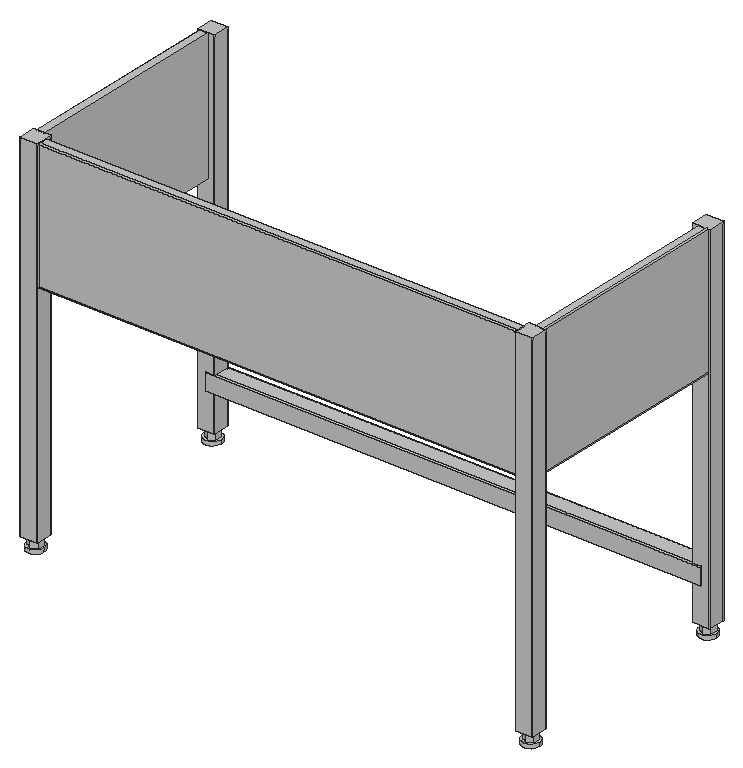
Revit family "PRD_FrankeWS_SnksSuprts_MaximaUnderframeToCommercialSinks_MAXF", category Plumbing Fixtures, Revit 2018
Family settings
  Round Connector Dimension = Use Diameter
  Part Type = Normal
  OmniClass Number = 23.40.20.00
  OmniClass Title = General Furniture and Specialties
  Work Plane-Based = No
  Always vertical = Yes
  Cut with Voids When Loaded = No
  Shared = Yes
  Room Calculation Point = No
Parameters (values of type "MAXF120-60")
  Width = NominalWidth  # 550 mm
  WarrantyStartDate [instance] = "1900-12-31T23:59:59"
  WarrantyGuarantorParts = "n/a"
  WarrantyGuarantorLabor = "n/a"
  WarrantyDurationUnit = "year"
  WarrantyDurationParts = "n/a"
  WarrantyDurationLabor = "n/a"
  WarrantyDescription = "n/a"
  Version = "1"
  Uniclass2015Version = "Products v1.10"
  Uniclass2015Title = "Sink supports"
  Uniclass2015Code = "Pr_20_85_09_88"
  UnderframeMaterial = PRD_AR_StainlessSteel_SatinFinished
  URL = "www.kwc.com"
  TagNumber [instance] = "n/a"
  SustainabilityPerformance = "n/a"
  Size = "1180 x 550 x 850 mm"
  Shape = "Rectangular"
  SerialNumber [instance] = "n/a"
  Revision = "n/a"
  ReplacementCost = "n/a"
  Reference = "n/a"
  ProductInformation = "https://pim.kwc.com/product/2000057101/attachment/datasheet?locale=en"
  NominalWidth = 550 mm
  NominalLength = 1180 mm
  NominalHeight = 850 mm
  NetWeight = 15.00 kg
  Name = "Underframe to Maxima sinks width 1200 mm / depth 600 mm"
  NBSTypeID = "n/a"
  NBSReference = "45-35-70/347"
  NBSOfficeMasterTag = "n/a"
  NBSNote = "n/a"
  NBSDescription = "Supports for sinks"
  NBSCertification = "n/a"
  ModelReference = "MAXF120-60"
  ModelNumber = "2000057101"
  Model = ModelReference  # "MAXF120-60"
  MaterialsLegsFinishAndColour = "satin finished"
  MaterialsLegsBody = "stainless steel"
  MaterialsBracketsFinishAndColour = "satin finished"
  MaterialsBracketsBody = "stainless steel"
  MaterialThickness = 1.2 mm
  MaterialCode = "stainless steel 1.4301"
  Material = "stainless steel"
  ManufacturerURL = "www.kwc.com"
  ManufacturerName = "KWC Group AG"  # constant formula
  Manufacturer = ManufacturerName  # "KWC Group AG"
  MAXF60-200 = yes
  MAXF260 = no
  Length = NominalLength  # 1180 mm
  InstallationDate [instance] = "1900-12-31T23:59:59"
  IfcExportType = "NOTDEFINED"
  IfcExportAs = "IfcBuildingElementProxy"
  Height = NominalHeight  # 850 mm
  GrossWeight = 35.00 kg
  Grade = "n/a"
  Form = "Floor-standing"
  Finish = "satin finished"
  Features = "stainless steel, 1.00 mm, satin finished, no mounting"
  ExpectedLife = "n/a"
  DurationUnit = "year"
  Description = "Underframe to Maxima, stainless steel, 1.00 mm, satin finished,1180x850x550 mm (WxHxD)"
  CreatedOn = "12/2018"  # constant formula
  Constituents = "n/a"
  Color = "stainless steel"
  CodePerformance = "n/a"
  Category = "Pr_20_85_09_88, Sink supports"
  BarCode [instance] = "n/a"
  BIMObjectName = "PRD_AR_SinkSupports_MaximaUnderframeToCommercialSinks_MAXF120-60"
  Author = "Archispace"  # constant formula
  AssetType = "Fixed"
  AssetIdentifier [instance] = "n/a"
  AccessibilityPerformance = "n/a"
Types (12, lengths in mm): name | Width | Size | ProductInformation | NominalWidth | NominalLength | NetWeight | Name | ModelReference | ModelNumber | Model | MAXF60-200 | MAXF260 | Length | GrossWeight | Description | BIMObjectName
  MAXF60-60 | 550 | "580 x 550 x 850 mm" | "https://pim.kwc.com/product/2000057122/attachment/datasheet?locale=en" | 550 | 580 | 12.00 kg | "Underframe to Maxima sinks width 600 mm / depth 600 mm" | "MAXF60-60" | "2000057122" | "MAXF60-60" | yes | no | 580 | 32.00 kg | "Underframe to Maxima, stainless steel, 1.00 mm, satin finished,580x850x550 mm (WxHxD)" | "PRD_AR_SinkSupports_MaximaUnderframeToCommercialSinks_MAXF60-60"
  MAXF70-60 | 550 | "680 x 550 x 850 mm" | "https://pim.kwc.com/product/2000057124/attachment/datasheet?locale=en" | 550 | 680 | 12.50 kg | "Underframe to Maxima sinks width 700 mm / depth 600 mm" | "MAXF70-60" | "2000057124" | "MAXF70-60" | yes | no | 680 | 32.50 kg | "Underframe to Maxima, stainless steel, 1.00 mm, satin finished,680x850x550 mm (WxHxD)" | "PRD_AR_SinkSupports_MaximaUnderframeToCommercialSinks_MAXF70-60"
  MAXF70-70 | 650 | "680 x 650 x 850 mm" | "https://pim.kwc.com/product/2000057126/attachment/datasheet?locale=en" | 650 | 680 | 13.50 kg | "Underframe to Maxima sinks width 700 mm / depth 700 mm" | "MAXF70-70" | "2000057126" | "MAXF70-70" | yes | no | 680 | 33.50 kg | "Underframe to Maxima, stainless steel, 1.00 mm, satin finished,680x850x650 mm (WxHxD)" | "PRD_AR_SinkSupports_MaximaUnderframeToCommercialSinks_MAXF70-70"
  MAXF120-60 | 550 | "1180 x 550 x 850 mm" | "https://pim.kwc.com/product/2000057101/attachment/datasheet?locale=en" | 550 | 1180 | 15.00 kg | "Underframe to Maxima sinks width 1200 mm / depth 600 mm" | "MAXF120-60" | "2000057101" | "MAXF120-60" | yes | no | 1180 | 35.00 kg | "Underframe to Maxima, stainless steel, 1.00 mm, satin finished,1180x850x550 mm (WxHxD)" | "PRD_AR_SinkSupports_MaximaUnderframeToCommercialSinks_MAXF120-60"
  MAXF120-70 | 650 | "1180 x 650 x 850 mm" | "https://pim.kwc.com/product/2000057101/attachment/datasheet?locale=en" | 650 | 1180 | 16.00 kg | "Underframe to Maxima sinks width 1200 mm / depth 700 mm" | "MAXF120-70" | "2000057104" | "MAXF120-70" | yes | no | 1180 | 36.00 kg | "Underframe to Maxima, stainless steel, 1.00 mm, satin finished,1180x850x650 mm (WxHxD)" | "PRD_AR_SinkSupports_MaximaUnderframeToCommercialSinks_MAXF120-70"
  MAXF140-60 | 550 | "1380 x 550 x 850 mm" | "https://pim.kwc.com/product/2000057106/attachment/datasheet?locale=en" | 550 | 1380 | 13.50 kg | "Underframe to Maxima sinks width 1400 mm / depth 600 mm" | "MAXF140-60" | "2000057106" | "MAXF140-60" | yes | no | 1380 | 33.50 kg | "Underframe to Maxima, stainless steel, 1.00 mm, satin finished,1380x850x550 mm (WxHxD)" | "PRD_AR_SinkSupports_MaximaUnderframeToCommercialSinks_MAXF140-60"
  MAXF140-70 | 650 | "1380 x 650 x 850 mm" | "https://pim.kwc.com/product/2000057108/attachment/datasheet?locale=en" | 650 | 1380 | 16.50 kg | "Underframe to Maxima sinks width 1400 mm / depth 700 mm" | "MAXF140-70" | "2000057108" | "MAXF140-70" | yes | no | 1380 | 36.50 kg | "Underframe to Maxima, stainless steel, 1.00 mm, satin finished,1380x850x650 mm (WxHxD)" | "PRD_AR_SinkSupports_MaximaUnderframeToCommercialSinks_MAXF140-70"
  MAXF160-60 | 550 | "1580 x 550 x 850 mm" | "https://pim.kwc.com/product/2000057112/attachment/datasheet?locale=en" | 550 | 1580 | 14.50 kg | "Underframe to Maxima sinks width 1600 mm / depth 600 mm" | "MAXF160-60" | "2000057112" | "MAXF160-60" | yes | no | 1580 | 34.50 kg | "Underframe to Maxima, stainless steel, 1.00 mm, satin finished,1580x850x550 mm (WxHxD)" | "PRD_AR_SinkSupports_MaximaUnderframeToCommercialSinks_MAXF160-60"
  MAXF200-60 | 550 | "1980 x 550 x 850 mm" | "https://pim.kwc.com/product/2000057114/attachment/datasheet?locale=en" | 550 | 1980 | 16.50 kg | "Underframe to Maxima sinks width 2000 mm / depth 600 mm" | "MAXF200-60" | "2000057114" | "MAXF200-60" | yes | no | 1980 | 36.50 kg | "Underframe to Maxima, stainless steel, 1.00 mm, satin finished,1980x850x550 mm (WxHxD)" | "PRD_AR_SinkSupports_MaximaUnderframeToCommercialSinks_MAXF200-60"
  MAXF200-70 | 650 | "1980 x 650 x 850 mm" | "https://pim.kwc.com/product/2000057117/attachment/datasheet?locale=en" | 650 | 1980 | 19.00 kg | "Underframe to Maxima sinks width 2000 mm / depth 700 mm" | "MAXF200-70" | "2000057117" | "MAXF200-70" | yes | no | 1980 | 39.00 kg | "Underframe to Maxima, stainless steel, 1.00 mm, satin finished,1980x850x650 mm (WxHxD)" | "PRD_AR_SinkSupports_MaximaUnderframeToCommercialSinks_MAXF200-70"
  MAXF260-60 | 550 | "2580 x 550 x 850 mm" | "https://pim.kwc.com/product/2000057118/attachment/datasheet?locale=en" | 550 | 2580 | 20.50 kg | "Underframe to Maxima sinks width 2600 mm / depth 600 mm" | "MAXF260-60" | "2000057118" | "MAXF260-60" | no | yes | 2580 | 40.50 kg | "Underframe to Maxima, stainless steel, 1.00 mm, satin finished,2580x850x550 mm (WxHxD)" | "PRD_AR_SinkSupports_MaximaUnderframeToCommercialSinks_MAXF260-60"
  MAXF260-70 | 650 | "2580 x 650 x 850 mm" | "https://pim.kwc.com/product/2000057120/attachment/datasheet?locale=en" | 650 | 2580 | 22.50 kg | "Underframe to Maxima sinks width 2600 mm / depth 700 mm" | "MAXF260-70" | "2000057120" | "MAXF260-70" | no | yes | 2580 | 42.50 kg | "Underframe to Maxima, stainless steel, 1.00 mm, satin finished,2580x850x650 mm (WxHxD)" | "PRD_AR_SinkSupports_MaximaUnderframeToCommercialSinks_MAXF260-70"
Reference planes
  plane 1 "Center (Front/Back)": y = 0
  plane 2: z = 0
  plane 3 "Center (Left/Right)": x = 0
  plane 4: x = -590
  plane 5: x = 590
  plane 6: y = -550
  plane 7: y = -530
  plane 8: z = 850
  plane 9: z = 550
  plane 10: y = -40
  plane 11: y = -510
  plane 12: x = -550
  plane 13: x = 550
  plane 14: z = 150
Forms (mm)
  Extrusion 1, solid, material "PRD_AR_StainlessSteel_SatinFinished" <- "UnderframeMaterial", detail levels coarse
    sketch origin (0, 0, 0) x (1, 0, 0) y (0, 1, 0)
      loop
        line (-590, -550) -> (-550, -550) -> (-550, -510) -> (-590, -510) -> (-590, -550)
      loop
        line (-550, 0) -> (-590, 0) -> (-590, -40) -> (-550, -40) -> (-550, 0)
      loop
        line (590, 0) -> (550, 0) -> (550, -40) -> (590, -40) -> (590, 0)
      loop
        line (550, -510) -> (550, -550) -> (590, -550) -> (590, -510) -> (550, -510)
    from 0 to 550
  Extrusion 2, solid, material "PRD_AR_StainlessSteel_SatinFinished" <- "UnderframeMaterial", detail levels fine
    sketch origin (0, 0, 0) x (1, 0, 0) y (0, 1, 0)
      loop
        line (-590, -511.5) -> (-590, -548.5)
        arc (-590, -548.5) -> (-589.561, -549.561) -> (-588.5, -550) r 1.5
        line (-588.5, -550) -> (-551.5, -550)
        arc (-551.5, -550) -> (-550.439, -549.561) -> (-550, -548.5) r 1.5
        line (-550, -548.5) -> (-550, -511.5)
        arc (-550, -511.5) -> (-550.439, -510.439) -> (-551.5, -510) r 1.5
        line (-551.5, -510) -> (-588.5, -510)
        arc (-588.5, -510) -> (-589.561, -510.439) -> (-590, -511.5) r 1.5
      loop
        line (-551.5, 0) -> (-588.5, 0)
        arc (-588.5, 0) -> (-589.561, -0.439) -> (-590, -1.5) r 1.5
        line (-590, -1.5) -> (-590, -38.5)
        arc (-590, -38.5) -> (-589.561, -39.561) -> (-588.5, -40) r 1.5
        line (-588.5, -40) -> (-551.5, -40)
        arc (-551.5, -40) -> (-550.439, -39.561) -> (-550, -38.5) r 1.5
        line (-550, -38.5) -> (-550, -1.5)
        arc (-550, -1.5) -> (-550.439, -0.439) -> (-551.5, 0) r 1.5
      loop
        line (590, -548.5) -> (590, -511.5)
        arc (590, -511.5) -> (589.561, -510.439) -> (588.5, -510) r 1.5
        line (588.5, -510) -> (551.5, -510)
        arc (551.5, -510) -> (550.439, -510.439) -> (550, -511.5) r 1.5
        line (550, -511.5) -> (550, -548.5)
        arc (550, -548.5) -> (550.439, -549.561) -> (551.5, -550) r 1.5
        line (551.5, -550) -> (588.5, -550)
        arc (588.5, -550) -> (589.561, -549.561) -> (590, -548.5) r 1.5
      loop
        line (588.5, 0) -> (551.5, 0)
        arc (551.5, 0) -> (550.439, -0.439) -> (550, -1.5) r 1.5
        line (550, -1.5) -> (550, -38.5)
        arc (550, -38.5) -> (550.439, -39.561) -> (551.5, -40) r 1.5
        line (551.5, -40) -> (588.5, -40)
        arc (588.5, -40) -> (589.561, -39.561) -> (590, -38.5) r 1.5
        line (590, -38.5) -> (590, -1.5)
        arc (590, -1.5) -> (589.561, -0.439) -> (588.5, 0) r 1.5
    from 27.5 to 850
  Extrusion 3, solid, material "PRD_AR_StainlessSteel_SatinFinished" <- "UnderframeMaterial", detail levels fine
    sketch origin (0, 0, 0) x (1, 0, 0) y (0, 1, 0)
      loop
        circle (-570, -530) r 20
      loop
        circle (-570, -20) r 20
      loop
        circle (570, -530) r 20
      loop
        circle (570, -20) r 20
    from 0 to 8
  Extrusion 4, solid, material "PRD_AR_StainlessSteel_SatinFinished" <- "UnderframeMaterial", detail levels fine
    sketch origin (0, 0, 0) x (1, 0, 0) y (0, 1, 0)
      loop
        circle (-570, -530) r 10
      loop
        circle (-570, -20) r 10
      loop
        circle (570, -530) r 10
      loop
        circle (570, -20) r 10
    from 23 to 27.5
  Extrusion 5, solid, material "PRD_AR_StainlessSteel_SatinFinished" <- "UnderframeMaterial", detail levels fine
    sketch origin (0, 0, 0) x (1, 0, 0) y (0, 1, 0)
      loop
        line (-557, -522.494) -> (-570, -514.989) -> (-583, -522.494) -> (-583, -537.506) -> (-570, -545.011) -> (-557, -537.506) -> (-557, -522.494)
      loop
        line (-557, -27.506) -> (-557, -12.494) -> (-570, -4.989) -> (-583, -12.494) -> (-583, -27.506) -> (-570, -35.011) -> (-557, -27.506)
      loop
        line (557, -522.494) -> (557, -537.506) -> (570, -545.011) -> (583, -537.506) -> (583, -522.494) -> (570, -514.989) -> (557, -522.494)
      loop
        line (557, -27.506) -> (570, -35.011) -> (583, -27.506) -> (583, -12.494) -> (570, -4.989) -> (557, -12.494) -> (557, -27.506)
    from 8 to 23
  Extrusion 6, solid, material "PRD_AR_StainlessSteel_SatinFinished" <- "UnderframeMaterial", detail levels fine
    sketch origin (0, 0, 0) x (1, 0, 0) y (0, 0, 1)
      loop
        line (-585, 847) -> (-585, 553)
        arc (-585, 553) -> (-584.121, 550.879) -> (-582, 550) r 3
        line (-582, 550) -> (-565, 550) -> (-565, 850) -> (-582, 850)
        arc (-582, 850) -> (-584.121, 849.121) -> (-585, 847) r 3
      loop
        line (585, 553) -> (585, 847)
        arc (585, 847) -> (584.121, 849.121) -> (582, 850) r 3
        line (582, 850) -> (565, 850) -> (565, 550) -> (582, 550)
        arc (582, 550) -> (584.121, 550.879) -> (585, 553) r 3
    from 40 to 510
  Extrusion 7, solid, material "PRD_AR_StainlessSteel_SatinFinished" <- "UnderframeMaterial", visible <- "MAXF60-200", detail levels fine
    sketch origin (0, 0, 0) x (0, 1, 0) y (0, 0, 1)
      loop
        line (-545, 847) -> (-545, 553)
        arc (-545, 553) -> (-544.121, 550.879) -> (-542, 550) r 3
        line (-542, 550) -> (-525, 550) -> (-525, 850) -> (-542, 850)
        arc (-542, 850) -> (-544.121, 849.121) -> (-545, 847) r 3
    from -550 to 550
  Extrusion 8, solid, material "PRD_AR_StainlessSteel_SatinFinished" <- "UnderframeMaterial", detail levels medium
    sketch origin (0, 0, 0) x (1, 0, 0) y (0, 0, 1)
      loop
        line (-585, 850) -> (-585, 550) -> (-565, 550) -> (-565, 850) -> (-585, 850)
      loop
        line (585, 550) -> (585, 850) -> (565, 850) -> (565, 550) -> (585, 550)
    from 40 to 510
  Extrusion 9, solid, material "PRD_AR_StainlessSteel_SatinFinished" <- "UnderframeMaterial", visible <- "MAXF60-200", detail levels medium
    sketch origin (0, 0, 0) x (0, 1, 0) y (0, 0, 1)
      loop
        line (-545, 850) -> (-545, 550) -> (-525, 550) -> (-525, 850) -> (-545, 850)
    from -550 to 550
  Extrusion 10, solid, material "PRD_AR_StainlessSteel_SatinFinished" <- "UnderframeMaterial", detail levels fine
    sketch origin (0, 0, 0) x (0, 1, 0) y (0, 0, 1)
      loop
        line (-1.8, 150) -> (-38.2, 150)
        arc (-38.2, 150) -> (-40.321, 149.121) -> (-41.2, 147) r 3
        line (-41.2, 147) -> (-41.2, 110) -> (1.2, 110) -> (1.2, 147)
        arc (1.2, 147) -> (0.321, 149.121) -> (-1.8, 150) r 3
    from -570 to 570
  Extrusion 11, solid, material "PRD_AR_StainlessSteel_SatinFinished" <- "UnderframeMaterial", detail levels medium
    sketch origin (0, 0, 0) x (0, 1, 0) y (0, 0, 1)
      loop
        line (0, 150) -> (-40, 150) -> (-40, 110) -> (0, 110) -> (0, 150)
    from -550 to 550
  Extrusion 12, solid, material "PRD_AR_StainlessSteel_SatinFinished" <- "UnderframeMaterial", visible <- "MAXF260", detail levels coarse
    sketch origin (0, 0, 0) x (1, 0, 0) y (0, 1, 0)
      loop
        line (-20, -550) -> (20, -550) -> (20, -510) -> (-20, -510) -> (-20, -550)
    from 0 to 550
  Extrusion 13, solid, material "PRD_AR_StainlessSteel_SatinFinished" <- "UnderframeMaterial", visible <- "MAXF260", detail levels fine
    sketch origin (0, 0, 0) x (1, 0, 0) y (0, 1, 0)
      loop
        line (-20, -511.5) -> (-20, -548.5)
        arc (-20, -548.5) -> (-19.561, -549.561) -> (-18.5, -550) r 1.5
        line (-18.5, -550) -> (18.5, -550)
        arc (18.5, -550) -> (19.561, -549.561) -> (20, -548.5) r 1.5
        line (20, -548.5) -> (20, -511.5)
        arc (20, -511.5) -> (19.561, -510.439) -> (18.5, -510) r 1.5
        line (18.5, -510) -> (-18.5, -510)
        arc (-18.5, -510) -> (-19.561, -510.439) -> (-20, -511.5) r 1.5
    from 27.5 to 850
  Extrusion 14, solid, material "PRD_AR_StainlessSteel_SatinFinished" <- "UnderframeMaterial", visible <- "MAXF260", detail levels fine
    sketch origin (0, 0, 0) x (1, 0, 0) y (0, 1, 0)
      loop
        circle (0, -530) r 20
      loop
        circle (0, -20) r 20
    from 0 to 8
  Extrusion 15, solid, material "PRD_AR_StainlessSteel_SatinFinished" <- "UnderframeMaterial", visible <- "MAXF260", detail levels fine
    sketch origin (0, 0, 0) x (1, 0, 0) y (0, 1, 0)
      loop
        circle (0, -530) r 10
      loop
        circle (0, -20) r 10
    from 23 to 27.5
  Extrusion 16, solid, material "PRD_AR_StainlessSteel_SatinFinished" <- "UnderframeMaterial", visible <- "MAXF260", detail levels fine
    sketch origin (0, 0, 0) x (1, 0, 0) y (0, 1, 0)
      loop
        line (13, -27.506) -> (13, -12.494) -> (0, -4.989) -> (-13, -12.494) -> (-13, -27.506) -> (0, -35.011) -> (13, -27.506)
      loop
        line (13, -537.506) -> (13, -522.494) -> (0, -514.989) -> (-13, -522.494) -> (-13, -537.506) -> (0, -545.011) -> (13, -537.506)
    from 8 to 23
  Extrusion 17, solid, material "PRD_AR_StainlessSteel_SatinFinished" <- "UnderframeMaterial", visible <- "MAXF260", detail levels fine
    sketch origin (0, 0, 0) x (0, 1, 0) y (0, 0, 1)
      loop
        line (-545, 847) -> (-545, 553)
        arc (-545, 553) -> (-544.121, 550.879) -> (-542, 550) r 3
        line (-542, 550) -> (-525, 550) -> (-525, 850) -> (-542, 850)
        arc (-542, 850) -> (-544.121, 849.121) -> (-545, 847) r 3
    from -1250 to -20
  Extrusion 18, solid, material "PRD_AR_StainlessSteel_SatinFinished" <- "UnderframeMaterial", visible <- "MAXF260", detail levels medium
    sketch origin (0, 0, 0) x (0, 1, 0) y (0, 0, 1)
      loop
        line (-545, 850) -> (-545, 550) -> (-525, 550) -> (-525, 850) -> (-545, 850)
    from -1250 to -20
  Extrusion 19, solid, material "PRD_AR_StainlessSteel_SatinFinished" <- "UnderframeMaterial", visible <- "MAXF260", detail levels fine
    sketch origin (0, 0, 0) x (0, 1, 0) y (0, 0, 1)
      loop
        line (-542, 550) -> (-525, 550) -> (-525, 850) -> (-542, 850)
        arc (-542, 850) -> (-544.121, 849.121) -> (-545, 847) r 3
        line (-545, 847) -> (-545, 553)
        arc (-545, 553) -> (-544.121, 550.879) -> (-542, 550) r 3
    from 20 to 1250
  Extrusion 20, solid, material "PRD_AR_StainlessSteel_SatinFinished" <- "UnderframeMaterial", visible <- "MAXF260", detail levels medium
    sketch origin (0, 0, 0) x (0, 1, 0) y (0, 0, 1)
      loop
        line (-545, 550) -> (-525, 550) -> (-525, 850) -> (-545, 850) -> (-545, 550)
    from 20 to 1250
  Sweep 21, solid, material "PRD_AR_StainlessSteel_SatinFinished" <- "UnderframeMaterial", visible <- "MAXF260", detail levels medium
    path origin (0, 0, 0) x (0, 1, 0) y (0, 0, 1)
      loop
        line (0, 0) -> (0, 535) -> (-125.316, 875.299)
    profile origin (0, 0, 267.5) x (0, -1, 0) y (1, 0, 0)
      loop
        line (0, -20) -> (40, -20) -> (40, 20) -> (0, 20) -> (0, -20)
  Sweep 22, solid, material "PRD_AR_StainlessSteel_SatinFinished" <- "UnderframeMaterial", visible <- "MAXF260", detail levels fine
    path origin (0, 0, 0) x (0, 1, 0) y (0, 0, 1)
      loop
        line (0, 27.5) -> (0, 535) -> (-125.316, 875.299)
    profile origin (0, 0, 281.25) x (0, -1, 0) y (1, 0, 0)
      loop
        arc (0, -18.5) -> (0.439, -19.561) -> (1.5, -20) r 1.5
        line (1.5, -20) -> (38.5, -20)
        arc (38.5, -20) -> (39.561, -19.561) -> (40, -18.5) r 1.5
        line (40, -18.5) -> (40, 18.5)
        arc (40, 18.5) -> (39.561, 19.561) -> (38.5, 20) r 1.5
        line (38.5, 20) -> (1.5, 20)
        arc (1.5, 20) -> (0.439, 19.561) -> (0, 18.5) r 1.5
        line (0, 18.5) -> (0, -18.5)
  Extrusion 23, void
    sketch origin (0, 0, 0) x (0, 1, 0) y (0, 0, 1)
      loop
        line (-100.123, 850) -> (-100.123, 880) -> (-180.123, 880) -> (-180.123, 850) -> (-100.123, 850)
    from -50 to 50
  Extrusion 24, solid, material "PRD_AR_StainlessSteel_SatinFinished" <- "UnderframeMaterial", visible <- "MAXF260", detail levels medium+fine
    sketch origin (0, 0, 0) x (0, 1, 0) y (0, 0, 1)
      loop
        line (-510, 550) -> (-48.155, 550) -> (-158.631, 850) -> (-510, 850) -> (-510, 550)
    from -12.5 to 12.5
  Extrusion 25, solid, material "PRD_AR_StainlessSteel_SatinFinished" <- "UnderframeMaterial", detail levels coarse
    sketch origin (0, 0, 0) x (1, 0, 0) y (0, 1, 0)
      loop
        line (-590, 0) -> (-590, -550) -> (590, -550) -> (590, 0) -> (-590, 0)
    from 550 to 850
  Sweep 26, solid, material "PRD_AR_StainlessSteel_SatinFinished" <- "UnderframeMaterial", visible <- "MAXF260", detail levels coarse
    path origin (0, 0, 0) x (0, 1, 0) y (0, 0, 1)
      loop
        line (0, 0) -> (0, 550)
    profile origin (0, 0, 275) x (0, -1, 0) y (1, 0, 0)
      loop
        line (0, -20) -> (40, -20) -> (40, 20) -> (0, 20) -> (0, -20)
  Extrusion 27, solid, material "PRD_AR_StainlessSteel_SatinFinished" <- "UnderframeMaterial", detail levels medium
    sketch origin (0, 0, 0) x (1, 0, 0) y (0, 1, 0)
      loop
        line (-590, 0) -> (-590, -40) -> (-550, -40) -> (-550, 0) -> (-590, 0)
      loop
        line (-590, -510) -> (-590, -550) -> (-550, -550) -> (-550, -510) -> (-590, -510)
      loop
        line (550, -510) -> (550, -550) -> (590, -550) -> (590, -510) -> (550, -510)
      loop
        line (550, 0) -> (550, -40) -> (590, -40) -> (590, 0) -> (550, 0)
    from 0 to 850
  Extrusion 28, solid, material "PRD_AR_StainlessSteel_SatinFinished" <- "UnderframeMaterial", visible <- "MAXF260", detail levels medium
    sketch origin (0, -100, 0) x (1, 0, 0) y (0, 1, 0)
      loop
        line (-20, -410) -> (-20, -450) -> (20, -450) -> (20, -410) -> (-20, -410)
    from 0 to 850
Cuts and joins
  Extrusion 23 cuts Sweep 21
  Extrusion 23 cuts Sweep 22
  Extrusion 23 cuts Extrusion 24
  Extrusion 23 cuts Sweep 26
  joined: Extrusion 1, Extrusion 25
Dimensions and locks
  equal spacing: plane 4, plane 3 "Center (Left/Right)", plane 5
  "Length": plane 4 to plane 5
  "Width": plane 6 to plane 1 "Center (Front/Back)"
  locked: plane 7 to plane 6 at 20
  Extrusion 5 sketch curve to plane 7 to Extrusion 5 sketch curve = 15.011 mm locked, 15.011 mm locked  (x2)
  "Height": plane 8 to level
  locked: plane 8 to plane 9 at 300
  locked: plane 10 to plane 1 "Center (Front/Back)" at 40
  locked: plane 11 to plane 6 at 40
  locked: plane 4 to plane 12 at 40
  locked: plane 13 to plane 5 at 40
  locked: plane 14 to level at 150
  locked: plane 4 to Extrusion 10 at 20
  locked: Extrusion 10 to plane 5 at 20
  aligned and locked: level to plane 2
  aligned and locked: Extrusion 2 sketch curve to plane 6  (x2)
  aligned and locked: Extrusion 1 sketch curve to plane 6  (x2)
  aligned and locked: plane 7 to Extrusion 4 sketch curve  (x2)
  aligned and locked: plane 7 to Extrusion 3 sketch curve  (x2)
  aligned and locked: Extrusion 6 sketch curve to plane 8  (x2)
  aligned and locked: Extrusion 6 sketch curve to plane 9  (x2)
  aligned and locked: plane 11 to Extrusion 6
  aligned and locked: Extrusion 6 to plane 10
  aligned and locked: plane 8 to Extrusion 7 sketch curve
  aligned and locked: plane 9 to Extrusion 7 sketch curve
  aligned and locked: Extrusion 7 to plane 13
  aligned and locked: Extrusion 7 to plane 12
  aligned and locked: Extrusion 8 sketch curve to plane 8  (x2)
  aligned and locked: Extrusion 8 sketch curve to plane 9  (x2)
  aligned and locked: Extrusion 8 to plane 10
  aligned and locked: plane 11 to Extrusion 8
  aligned and locked: plane 8 to Extrusion 9 sketch curve
  aligned and locked: plane 9 to Extrusion 9 sketch curve
  aligned and locked: Extrusion 9 to plane 13
  aligned and locked: Extrusion 9 to plane 12
  aligned and locked: Extrusion 2 to plane 8
  aligned and locked: plane 14 to Extrusion 10 sketch curve
  aligned and locked: plane 14 to Extrusion 11 sketch curve
  aligned and locked: Extrusion 10 to Extrusion 11 sketch curve
  aligned and locked: plane 1 "Center (Front/Back)" to Extrusion 11 sketch curve
  aligned and locked: plane 10 to Extrusion 11 sketch curve
  aligned and locked: Extrusion 11 to plane 13
  aligned and locked: Extrusion 11 to plane 12
  aligned and locked: Extrusion 17 to Extrusion 18
  aligned and locked: Extrusion 19 sketch curve to Extrusion 17  (x4)
  aligned and locked: Extrusion 20 sketch curve to Extrusion 18  (x4)
  aligned and locked: plane 1 "Center (Front/Back)" to Extrusion 25 sketch curve
  aligned and locked: plane 4 to Extrusion 25 sketch curve
  aligned and locked: plane 5 to Extrusion 25 sketch curve
  aligned and locked: plane 6 to Extrusion 25 sketch curve
  aligned and locked: Extrusion 25 to plane 8
  aligned and locked: plane 9 to Extrusion 25
  aligned and locked: Extrusion 1 to plane 9
  aligned and locked: Extrusion 12 to plane 9
  aligned and locked: Extrusion 27 to plane 8
  aligned and locked: plane 1 "Center (Front/Back)" to Extrusion 27 sketch curve  (x2)
  aligned and locked: Extrusion 27 sketch curve to plane 10  (x2)
  aligned and locked: plane 4 to Extrusion 27 sketch curve  (x2)
  aligned and locked: Extrusion 27 sketch curve to plane 12  (x2)
  aligned and locked: Extrusion 27 sketch curve to plane 13  (x2)
  aligned and locked: plane 5 to Extrusion 27 sketch curve  (x2)
  aligned and locked: plane 11 to Extrusion 27 sketch curve  (x2)
  aligned and locked: plane 6 to Extrusion 27 sketch curve  (x2)
  aligned and locked: plane 11 to Extrusion 28 sketch curve
  aligned and locked: Extrusion 28 sketch curve to Extrusion 13
  aligned and locked: Extrusion 28 sketch curve to Extrusion 25
  aligned and locked: Extrusion 28 sketch curve to Extrusion 20
Automatic sketch dimensions
  Extrusion 1 sketch curve to plane 4 = 0 mm  (x2)
  Extrusion 1 sketch curve to plane 12 = 0 mm  (x2)
  plane 1 "Center (Front/Back)" to Extrusion 1 sketch curve = 0 mm  (x2)
  plane 10 to Extrusion 1 sketch curve = 0 mm  (x2)
  Extrusion 1 sketch curve to plane 13 = 0 mm  (x2)
  plane 11 to Extrusion 1 sketch curve = 0 mm  (x2)
  Extrusion 1 sketch curve to plane 5 = 0 mm  (x2)
  Extrusion 2 sketch curve to plane 4 = 0 mm  (x2)
  plane 11 to Extrusion 2 sketch curve = 0 mm  (x2)
  plane 10 to Extrusion 2 sketch curve = 0 mm  (x2)
  plane 1 "Center (Front/Back)" to Extrusion 2 sketch curve = 0 mm  (x2)
  Extrusion 2 sketch curve to plane 12 = 0 mm  (x2)
  Extrusion 2 sketch curve to plane 13 = 0 mm  (x2)
  Extrusion 2 sketch curve to plane 5 = 0 mm  (x2)
  plane 4 to Extrusion 2 sketch curve = 1.5 mm  (x4)
  Extrusion 2 sketch curve to plane 12 = 1.5 mm  (x3)
  Extrusion 2 sketch curve to Extrusion 2 sketch curve = 1.5 mm  (x3)
  Extrusion 2 sketch curve to plane 13 = 1.5 mm  (x4)
  plane 1 "Center (Front/Back)" to Extrusion 2 sketch curve = 1.5 mm
  plane 5 to Extrusion 2 sketch curve = 1.5 mm
  plane 4 to Extrusion 3 sketch curve = 20 mm  (x2)
  plane 5 to Extrusion 3 sketch curve = 20 mm  (x2)
  plane 1 "Center (Front/Back)" to Extrusion 3 sketch curve = 20 mm  (x2)
  plane 4 to Extrusion 4 sketch curve = 20 mm  (x2)
  plane 5 to Extrusion 4 sketch curve = 20 mm  (x2)
  plane 1 "Center (Front/Back)" to Extrusion 4 sketch curve = 20 mm  (x2)
  plane 4 to Extrusion 5 sketch curve = 7 mm  (x2)
  Extrusion 5 sketch curve to Extrusion 5 sketch curve = 13 mm  (x8)
  plane 1 "Center (Front/Back)" to Extrusion 5 sketch curve = 4.989 mm  (x2)
  Extrusion 5 sketch curve to plane 10 = 4.989 mm  (x2)
  Extrusion 5 sketch curve to plane 12 = 7 mm  (x2)
  Extrusion 5 sketch curve to plane 13 = 7 mm  (x2)
  plane 5 to Extrusion 5 sketch curve = 7 mm  (x2)
  Extrusion 5 sketch curve to plane 7 = 7.506 mm  (x4)
  plane 7 to Extrusion 5 sketch curve = 7.506 mm  (x4)
  Extrusion 5 sketch curve to plane 10 = 12.494 mm  (x4)
  plane 1 "Center (Front/Back)" to Extrusion 5 sketch curve = 12.494 mm  (x4)
  plane 4 to Extrusion 6 sketch curve = 5 mm
  Extrusion 6 sketch curve to Extrusion 6 sketch curve = 3 mm  (x2)
  plane 8 to Extrusion 6 sketch curve = 3 mm  (x2)
  Extrusion 6 sketch curve to plane 12 = 15 mm
  Extrusion 6 sketch curve to plane 13 = 15 mm
  plane 5 to Extrusion 6 sketch curve = 8 mm
  plane 6 to Extrusion 7 sketch curve = 5 mm
  Extrusion 7 sketch curve to Extrusion 7 sketch curve = 3 mm  (x2)
  plane 7 to Extrusion 7 sketch curve = 5 mm
  plane 4 to Extrusion 8 sketch curve = 5 mm
  Extrusion 8 sketch curve to plane 12 = 15 mm
  Extrusion 8 sketch curve to plane 13 = 15 mm
  plane 5 to Extrusion 8 sketch curve = 5 mm
  plane 6 to Extrusion 9 sketch curve = 5 mm
  plane 7 to Extrusion 9 sketch curve = 5 mm
  plane 10 to Extrusion 10 sketch curve = 1.2 mm
  Extrusion 10 sketch curve to plane 10 = 1.8 mm
  plane 1 "Center (Front/Back)" to Extrusion 10 sketch curve = 1.8 mm
  Extrusion 10 sketch curve to plane 1 "Center (Front/Back)" = 1.2 mm
  Extrusion 10 sketch curve to Extrusion 10 sketch curve = 37 mm
  plane 11 to Extrusion 12 sketch curve = 0 mm
  Extrusion 12 sketch curve to plane 6 = 0 mm
  Extrusion 12 sketch curve to plane 3 "Center (Left/Right)" = 20 mm
  plane 3 "Center (Left/Right)" to Extrusion 12 sketch curve = 20 mm
  plane 11 to Extrusion 13 sketch curve = 0 mm
  Extrusion 13 sketch curve to plane 6 = 0 mm
  plane 11 to Extrusion 13 sketch curve = 1.5 mm
  Extrusion 13 sketch curve to plane 3 "Center (Left/Right)" = 20 mm
  Extrusion 13 sketch curve to Extrusion 13 sketch curve = 1.5 mm
  plane 3 "Center (Left/Right)" to Extrusion 13 sketch curve = 18.5 mm  (x2)
  plane 6 to Extrusion 13 sketch curve = 1.5 mm
  Extrusion 14 sketch curve to plane 3 "Center (Left/Right)" = 0 mm  (x2)
  Extrusion 14 sketch curve to plane 7 = 0 mm
  plane 1 "Center (Front/Back)" to Extrusion 14 sketch curve = 20 mm
  Extrusion 15 sketch curve to plane 3 "Center (Left/Right)" = 0 mm  (x2)
  Extrusion 15 sketch curve to plane 7 = 0 mm
  plane 1 "Center (Front/Back)" to Extrusion 15 sketch curve = 20 mm
  Extrusion 16 sketch curve to plane 3 "Center (Left/Right)" = 0 mm  (x4)
  Extrusion 16 sketch curve to plane 3 "Center (Left/Right)" = 13 mm  (x2)
  plane 3 "Center (Left/Right)" to Extrusion 16 sketch curve = 13 mm  (x2)
  plane 6 to Extrusion 16 sketch curve = 4.989 mm
  Extrusion 16 sketch curve to plane 7 = 7.506 mm  (x2)
  plane 7 to Extrusion 16 sketch curve = 7.506 mm  (x2)
  plane 11 to Extrusion 16 sketch curve = 4.989 mm
  Extrusion 16 sketch curve to plane 10 = 4.989 mm
  Extrusion 16 sketch curve to plane 10 = 12.494 mm  (x2)
  plane 1 "Center (Front/Back)" to Extrusion 16 sketch curve = 12.494 mm  (x2)
  plane 1 "Center (Front/Back)" to Extrusion 16 sketch curve = 4.989 mm
  plane 8 to Extrusion 17 sketch curve = 0 mm
  plane 9 to Extrusion 17 sketch curve = 0 mm
  plane 6 to Extrusion 17 sketch curve = 5 mm
  Extrusion 17 sketch curve to Extrusion 17 sketch curve = 3 mm  (x2)
  plane 7 to Extrusion 17 sketch curve = 5 mm
  plane 9 to Extrusion 18 sketch curve = 0 mm
  plane 8 to Extrusion 18 sketch curve = 0 mm
  plane 6 to Extrusion 18 sketch curve = 5 mm
  plane 7 to Extrusion 18 sketch curve = 5 mm
  Sweep 21 sketch curve to plane 1 "Center (Front/Back)" = 0 mm
  Sweep 21 sketch curve to level = 0 mm
  plane 9 to Sweep 21 sketch curve = 15 mm
  Sweep 21 sketch curve to plane 8 = 25.299 mm
  plane 10 to Sweep 21 sketch curve = 85.316 mm
  Sweep 21 sketch curve to profile plane = 0 mm
  Sweep 21 sketch curve to profile plane = 40 mm
  Sweep 21 sketch curve to profile plane = 20 mm
  profile plane to Sweep 21 sketch curve = 20 mm
  Sweep 22 sketch curve to plane 1 "Center (Front/Back)" = 0 mm
  plane 9 to Sweep 22 sketch curve = 15 mm
  Sweep 22 sketch curve to plane 8 = 25.299 mm
  plane 10 to Sweep 22 sketch curve = 85.316 mm
  level to Sweep 22 sketch curve = 27.5 mm
  Sweep 22 sketch curve to profile plane = 0 mm
  Sweep 22 sketch curve to Sweep 22 sketch curve = 1.5 mm  (x2)
  Sweep 22 sketch curve to profile plane = 1.5 mm
  Sweep 22 sketch curve to Sweep 22 sketch curve = 37 mm  (x2)
  profile plane to Sweep 22 sketch curve = 20 mm
  Sweep 22 sketch curve to profile plane = 18.5 mm
  plane 8 to Extrusion 23 sketch curve = 0 mm
  plane 10 to Extrusion 23 sketch curve = 140.123 mm
  Extrusion 23 sketch curve to plane 8 = 30 mm
  plane 10 to Extrusion 23 sketch curve = 60.123 mm
  plane 8 to Extrusion 24 sketch curve = 0 mm
  Extrusion 24 sketch curve to plane 11 = 0 mm
  plane 9 to Extrusion 24 sketch curve = 0 mm
  plane 10 to Extrusion 24 sketch curve = 118.631 mm
  plane 10 to Extrusion 24 sketch curve = 8.155 mm
  Sweep 26 sketch curve to plane 1 "Center (Front/Back)" = 0 mm
  Sweep 26 sketch curve to level = 0 mm
  plane 9 to Sweep 26 sketch curve = 0 mm
  Sweep 26 sketch curve to profile plane = 0 mm
  Sweep 26 sketch curve to Sweep 26 sketch curve = 40 mm
  Sweep 26 sketch curve to profile plane = 20 mm
  profile plane to Sweep 26 sketch curve = 20 mm
  radius of Extrusion 3 sketch curve = 20 mm  (x4)
  radius of Extrusion 4 sketch curve = 10 mm  (x4)
  radius of Extrusion 14 sketch curve = 20 mm  (x2)
  radius of Extrusion 15 sketch curve = 10 mm  (x2)
